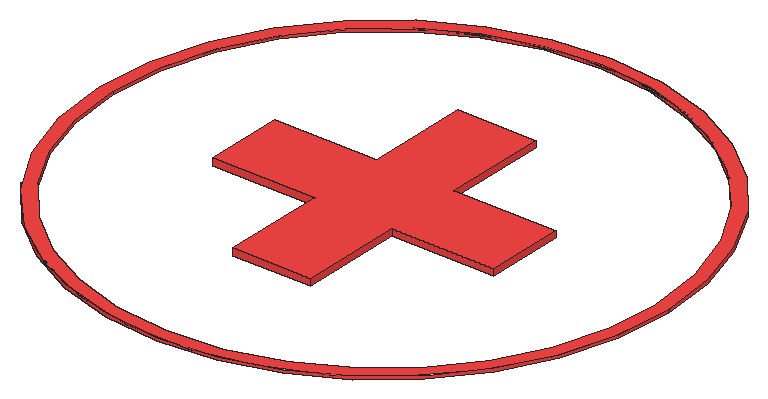
Revit family "PRISON", category Generic Models, Revit 2020
Family settings
  Can host rebar = No
  Round Connector Dimension = Use Diameter
  Part Type = Normal
  Work Plane-Based = No
  Always vertical = Yes
  Cut with Voids When Loaded = No
  Shared = No
  Room Calculation Point = No
Parameters
  Default Elevation = 0 mm
Reference planes
  plane 1 "Center (Front/Back)": y = 0
  plane 2: z = 0
  plane 3 "Center (Left/Right)": x = 0
Forms (mm)
  Extrusion 1, solid, material "hopistal_red"
    sketch origin (-104.434, 60.696, 0) x (1, 0, 0) y (0, 1, 0)
      loop
        circle (104.434, -60.696) r 880
      loop
        circle (104.434, -60.696) r 840
    from 0 to 10
  Extrusion 2, solid, material "hopistal_red"
    sketch origin (-120, -205.009, 0) x (1, 0, 0) y (0, 1, 0)
      loop
        line (0, 640.009) -> (0, -229.991) -> (240, -229.991) -> (240, 640.009) -> (0, 640.009)
    from 0 to 20
  Extrusion 3, solid, material "hopistal_red"
    sketch origin (205.009, -120, 0) x (0, 1, 0) y (-1, 0, 0)
      loop
        line (0, 640.009) -> (0, -229.991) -> (240, -229.991) -> (240, 640.009) -> (0, 640.009)
    from 0 to 20
Cuts and joins
  joined: Extrusion 2, Extrusion 3
Dimensions and locks
  aligned and locked: plane 2 to level
